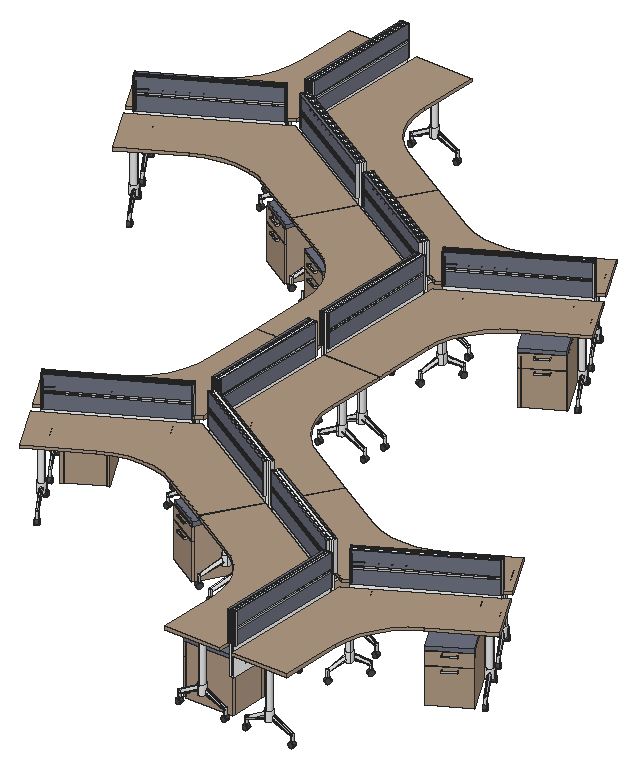
Revit family "T200028", category Furniture, Revit 2013 (continued)
Forms (in)
  Extrusion 577, solid, material "OFS BRANDS INTERMIX WORK Tackboard Fabric" <- "Tackboard Material"
    sketch origin (117.43443, -97.24959, 22.69325) x (-0.866013, -0.500021, 0) y (0, 0, -1)
      loop
        line (20.68752, -6.99425) -> (-27.03588, -6.99425) -> (-27.03588, -12.5255) -> (20.68752, -12.5255) -> (20.68752, -6.99425)
    from -0.66085 to 0.03085
  Extrusion 578, solid, material "OFS BRANDS INTERMIX WORK Conector Metal" <- "Conector Material"
    sketch origin (96.53397, -111.12356, 0) x (0.866013, 0.500021, 0) y (-0.500021, 0.866013, 0)
      loop
        line (51.73413, 2.29012) -> (51.73413, 2.25422) -> (52.07323, 2.25422) -> (52.07323, 1.50452) -> (51.35913, 1.50452) -> (51.35913, 1.46862) -> (52.10913, 1.46862) -> (52.10913, 2.29011) -> (51.73413, 2.29012)
    from 29.74775 to 41.93975
  Extrusion 579, solid, material "OFS BRANDS INTERMIX WORK Tool Rail Metal" <- "Tool Rail Material"
    sketch origin (96.53397, -111.12356, 0) x (0.500021, -0.866013, 0) y (0, 0, -1)
      loop
        line (-1.53351, -35.21875) -> (-2.23612, -35.21875) -> (-2.23612, -35.78469) -> (-2.01958, -35.78469) -> (-1.88459, -35.70359) -> (-1.80037, -35.84375) -> (-1.88459, -35.98391) -> (-2.01958, -35.9028) -> (-2.23612, -35.9028) -> (-2.23612, -36.46875) -> (-1.53351, -36.46875) -> (-1.53351, -37.21875) -> (-1.46862, -37.21875) -> (-1.46862, -36.38875) -> (-2.15612, -36.38875) -> (-2.15612, -35.9828) -> (-2.04176, -35.9828) -> (-1.85625, -36.09427) -> (-1.70638, -35.84486) -> (-1.85742, -35.59348) -> (-2.04082, -35.70367) -> (-2.15612, -35.70367) -> (-2.15611, -35.29875) -> (-1.46862, -35.29875) -> (-1.46862, -34.46875) -> (-1.53351, -34.46875) -> (-1.53351, -35.21875)
    from 4.01073 to 52.07323
  Extrusion 580, solid, material "OFS BRANDS INTERMIX WORK Conector Metal" <- "Conector Material"
    sketch origin (145.10341, -83.08039, 0) x (-0.866013, -0.500021, 0) y (0.500021, -0.866013, 0)
      loop
        line (51.73413, -2.29012) -> (52.10913, -2.29011) -> (52.10913, -1.46862) -> (51.35913, -1.46862) -> (51.35913, -1.50452) -> (52.07323, -1.50452) -> (52.07323, -2.25422) -> (51.73413, -2.25422) -> (51.73413, -2.29012)
    from 29.74775 to 41.93975
  Extrusion 581, solid, material "OFS BRANDS INTERMIX WORK Conector Clip Metal" <- "Conector Clip Material"
    sketch origin (141.33744, -84.64151, 57.662) x (0, 0, -1) y (-0.500021, 0.866013, 0)
      loop
        line (29.787, 2.37745) -> (31.22695, 0.9375) -> (36.66201, 0.9375) -> (36.66201, 1.1563) -> (31.27888, 1.1563) -> (29.9745, 2.46068) -> (29.9745, 10.34879) -> (29.787, 10.34879) -> (29.787, 2.37745)
    from -7.1875 to -5.8125
  Extrusion 582, solid, material "OFS BRANDS INTERMIX WORK Conector Clip Metal" <- "Conector Clip Material"
    sketch origin (141.33744, -84.64151, 57.662) x (0, 0, -1) y (-0.500021, 0.866013, 0)
      loop
        line (35.87689, 1.1563) -> (36.66201, 1.1563) -> (30.037, 11.86776) -> (30.037, 10.49716) -> (35.87689, 1.1563)
    from -6.59375 to -6.40625
  Extrusion 583, solid, material "OFS BRANDS INTERMIX WORK Conector Clip Metal" <- "Conector Clip Material"
    sketch origin (111.02698, -102.14225, 57.662) x (0, 0, -1) y (-0.500021, 0.866013, 0)
      loop
        line (29.787, 2.37745) -> (31.22695, 0.9375) -> (36.66201, 0.9375) -> (36.66201, 1.1563) -> (31.27888, 1.1563) -> (29.9745, 2.46068) -> (29.9745, 10.34879) -> (29.787, 10.34879) -> (29.787, 2.37745)
    from -7.1875 to -5.8125
  Extrusion 584, solid, material "OFS BRANDS INTERMIX WORK Conector Clip Metal" <- "Conector Clip Material"
    sketch origin (111.02698, -102.14225, 57.662) x (0, 0, -1) y (-0.500021, 0.866013, 0)
      loop
        line (35.87689, 1.1563) -> (36.66201, 1.1563) -> (30.037, 11.86776) -> (30.037, 10.49716) -> (35.87689, 1.1563)
    from -6.59375 to -6.40625
  Extrusion 585, solid, material "OFS BRANDS INTERMIX WORK Back Coverage Plastic" <- "Back Coverage Material"
    sketch origin (73.92021, -98.14512, 29.4745) x (0.866029, -0.499993, 0) y (0, 0, 1)
      loop
        line (20.99537, -11.2245) -> (20.99537, 12.5255) -> (-27.00463, 12.5255) -> (-27.00463, -11.2245) -> (20.99537, -11.2245)
    from -0.9375 to -0.1875
  Extrusion 586, solid, material "OFS BRANDS INTERMIX WORK Tackboard Fabric" <- "Tackboard Material"
    sketch origin (74.43683, -97.25029, 29.4745) x (0.866029, -0.499993, 0) y (0, 0, 1)
      loop
        line (21.02662, 6.99425) -> (21.02662, 12.5255) -> (-27.03588, 12.5255) -> (-27.03588, 6.99425) -> (21.02662, 6.99425)
    from -0.66085 to 0.03085
  Extrusion 587, solid, material "OFS BRANDS INTERMIX WORK Tackboard Fabric" <- "Tackboard Material"
    sketch origin (74.43683, -97.25029, 22.69325) x (0.866029, -0.499993, 0) y (0, 0, 1)
      loop
        line (20.68752, 6.99425) -> (20.68752, 12.5255) -> (-27.03588, 12.5255) -> (-27.03588, 6.99425) -> (20.68752, 6.99425)
    from -0.66085 to 0.03085
  Extrusion 588, solid, material "OFS BRANDS INTERMIX WORK Conector Metal" <- "Conector Material"
    sketch origin (95.33774, -111.12358, 0) x (-0.866029, 0.499993, 0) y (-0.499993, -0.866029, 0)
      loop
        line (51.73413, -2.29012) -> (52.10913, -2.29011) -> (52.10913, -1.46862) -> (51.35913, -1.46862) -> (51.35913, -1.50452) -> (52.07323, -1.50452) -> (52.07323, -2.25422) -> (51.73413, -2.25422) -> (51.73413, -2.29012)
    from 29.74775 to 41.93975
  Extrusion 589, solid, material "OFS BRANDS INTERMIX WORK Tool Rail Metal" <- "Tool Rail Material"
    sketch origin (95.33774, -111.12358, 0) x (-0.499993, -0.866029, 0) y (0, 0, 1)
      loop
        line (-1.53351, 35.21875) -> (-1.53351, 34.46875) -> (-1.46862, 34.46875) -> (-1.46862, 35.29875) -> (-2.15611, 35.29875) -> (-2.15612, 35.70367) -> (-2.04082, 35.70367) -> (-1.85742, 35.59348) -> (-1.70638, 35.84486) -> (-1.85625, 36.09427) -> (-2.04176, 35.9828) -> (-2.15612, 35.9828) -> (-2.15612, 36.38875) -> (-1.46862, 36.38875) -> (-1.46862, 37.21875) -> (-1.53351, 37.21875) -> (-1.53351, 36.46875) -> (-2.23612, 36.46875) -> (-2.23612, 35.9028) -> (-2.01958, 35.9028) -> (-1.88459, 35.98391) -> (-1.80037, 35.84375) -> (-1.88459, 35.70359) -> (-2.01958, 35.78469) -> (-2.23612, 35.78469) -> (-2.23612, 35.21875) -> (-1.53351, 35.21875)
    from 4.01073 to 52.07323
  Extrusion 590, solid, material "OFS BRANDS INTERMIX WORK Conector Metal" <- "Conector Material"
    sketch origin (46.76738, -83.08199, 0) x (0.866029, -0.499993, 0) y (0.499993, 0.866029, 0)
      loop
        line (51.73413, 2.29012) -> (51.73413, 2.25422) -> (52.07323, 2.25422) -> (52.07323, 1.50452) -> (51.35913, 1.50452) -> (51.35913, 1.46862) -> (52.10913, 1.46862) -> (52.10913, 2.29011) -> (51.73413, 2.29012)
    from 29.74775 to 41.93975
  Extrusion 591, solid, material "OFS BRANDS INTERMIX WORK Conector Clip Metal" <- "Conector Clip Material"
    sketch origin (50.53341, -84.64299, 57.662) x (0, 0, -1) y (-0.499993, -0.866029, 0)
      loop
        line (29.787, -2.37745) -> (29.787, -10.34879) -> (29.9745, -10.34879) -> (29.9745, -2.46068) -> (31.27888, -1.1563) -> (36.66201, -1.1563) -> (36.66201, -0.9375) -> (31.22695, -0.9375) -> (29.787, -2.37745)
    from -7.1875 to -5.8125
  Extrusion 592, solid, material "OFS BRANDS INTERMIX WORK Conector Clip Metal" <- "Conector Clip Material"
    sketch origin (50.53341, -84.64299, 57.662) x (0, 0, -1) y (-0.499993, -0.866029, 0)
      loop
        line (35.87689, -1.1563) -> (30.037, -10.49716) -> (30.037, -11.86776) -> (36.66201, -1.1563) -> (35.87689, -1.1563)
    from -6.59375 to -6.40625
  Extrusion 593, solid, material "OFS BRANDS INTERMIX WORK Conector Clip Metal" <- "Conector Clip Material"
    sketch origin (80.84444, -102.14275, 57.662) x (0, 0, -1) y (-0.499993, -0.866029, 0)
      loop
        line (29.787, -2.37745) -> (29.787, -10.34879) -> (29.9745, -10.34879) -> (29.9745, -2.46068) -> (31.27888, -1.1563) -> (36.66201, -1.1563) -> (36.66201, -0.9375) -> (31.22695, -0.9375) -> (29.787, -2.37745)
    from -7.1875 to -5.8125
  Extrusion 594, solid, material "OFS BRANDS INTERMIX WORK Conector Clip Metal" <- "Conector Clip Material"
    sketch origin (80.84444, -102.14275, 57.662) x (0, 0, -1) y (-0.499993, -0.866029, 0)
      loop
        line (35.87689, -1.1563) -> (30.037, -10.49716) -> (30.037, -11.86776) -> (36.66201, -1.1563) -> (35.87689, -1.1563)
    from -6.59375 to -6.40625
  Extrusion 595, solid, material "OFS BRANDS INTERMIX WORK Roll Plastic" <- "Roll Material"
    sketch origin (53.89053, -82.78051, 29.4745) x (-0.499986, -0.866034, 0) y (0, 0, -1)
      loop
        circle (-19.32729, 28.53442) r 0.94008
    from -0.75 to 0.78386
  Extrusion 596, solid, material "OFS BRANDS INTERMIX WORK Roll Plastic" <- "Roll Material"
    sketch origin (53.89053, -82.78051, 29.4745) x (-0.499986, -0.866034, 0) y (0, 0, -1)
      loop
        arc (-18.30139, 28.55034) -> (-18.56665, 27.84584) -> (-19.24135, 27.51201) r 1.02602
        line (-19.24135, 27.51201) -> (-19.24135, 27.59827)
        arc (-19.24135, 27.59827) -> (-19.32729, 27.59434) -> (-19.41323, 27.59827) r 0.94008
        line (-19.41323, 27.59827) -> (-19.41323, 27.51201)
        arc (-19.41323, 27.51201) -> (-20.08257, 27.83996) -> (-20.35331, 28.53442) r 1.02602
        line (-20.35331, 28.53442) -> (-20.43925, 28.53442)
        arc (-20.43925, 28.53442) -> (-20.14338, 27.77914) -> (-19.41323, 27.42579) r 1.11196
        line (-19.41323, 27.42579) -> (-19.41323, 27.09434) -> (-19.24135, 27.09434) -> (-19.24135, 27.42579)
        arc (-19.24135, 27.42579) -> (-18.50581, 27.785) -> (-18.21545, 28.55034) r 1.11196
        line (-18.21545, 28.55034) -> (-18.30139, 28.55034)
    from -0.56728 to 0.61508
  Extrusion 597, solid, material "OFS BRANDS INTERMIX WORK Feet Metal" <- "Feet Material"
    sketch origin (96.96998, -111.36693, 0) x (0.866034, -0.499986, 0) y (0.499986, 0.866034, 0)
      loop
        line (-54.57973, 9.4) -> (-48.57973, 9.4) -> (-48.57973, 17.4) -> (-54.57973, 17.4) -> (-54.57973, 9.4)
    from 27.6875 to 27.87542
  Extrusion 598, solid, material "OFS BRANDS INTERMIX WORK Feet Metal" <- "Feet Material"
    sketch origin (96.96998, -111.36693, 0) x (0.866034, -0.499986, 0) y (0.499986, 0.866034, 0)
      loop
        circle (-51.57876, 13.39995) r 1.14391
    from 10.29161 to 27.6875
  Extrusion 599, solid, material "OFS BRANDS INTERMIX WORK Feet Metal" <- "Feet Material"
    sketch origin (96.96998, -111.36693, 0) x (0.866034, -0.499986, 0) y (0.499986, 0.866034, 0)
      loop
        circle (-51.57876, 13.40165) r 1.51553
    from 6.70403 to 10.29161
  Extrusion 600, solid, material "OFS BRANDS INTERMIX WORK Feet Metal" <- "Feet Material"
    sketch origin (96.96998, -111.36693, 0) x (0.866034, -0.499986, 0) y (0.499986, 0.866034, 0)
      loop
        circle (-51.57715, 22.59884) r 0.43
    from 2.38016 to 4.82597
  SweptBlend 601, solid, material "OFS BRANDS INTERMIX WORK Feet Metal" <- "Feet Material"
    path origin (96.96998, -111.36693, 0) x (-0.499986, -0.866034, 0) y (0, 0, -1)
      loop
        line (-13.40165, -7.14826) -> (-22.60845, -3.84119)
    profile origin (103.67061, -99.76064, 7.14826) x (0.169021, 0.292764, 0.941127) y (0.866034, -0.499986, 0)
      loop
        arc (2.62281, -51.51844) -> (2.58268, -51.39722) -> (2.47816, -51.32389) r 0.20315
        line (2.47816, -51.32389) -> (1.22742, -50.94783)
        arc (1.22742, -50.94783) -> (0.97866, -50.92516) -> (0.7409, -51.00171) r 0.625
        line (0.7409, -51.00171) -> (0.41893, -51.18293)
        arc (0.41893, -51.18293) -> (0.37961, -51.2216) -> (0.36519, -51.27484) r 0.10547
        line (0.36519, -51.27484) -> (0.36519, -51.8808)
        arc (0.36519, -51.8808) -> (0.37972, -51.93444) -> (0.41933, -51.97341) r 0.10627
        line (0.41933, -51.97341) -> (0.74123, -52.15459)
        arc (0.74123, -52.15459) -> (0.97865, -52.23103) -> (1.22705, -52.20839) r 0.6241
        line (1.22705, -52.20839) -> (2.47817, -51.8322)
        arc (2.47817, -51.8322) -> (2.58269, -51.75888) -> (2.62281, -51.63768) r 0.20313
        line (2.62281, -51.63768) -> (2.62281, -51.51844)
    end profile origin (108.27388, -91.78724, 3.84119) x (0.169021, 0.292764, 0.941127) y (0.866034, -0.499986, 0)
      loop
        arc (0.00296, -51.97173) -> (0.47961, -51.92362) -> (0.93193, -51.76575) r 2.04165
        arc (0.93193, -51.76575) -> (1.04882, -51.57876) -> (0.93193, -51.39177) r 0.20801
        arc (0.93193, -51.39177) -> (0.47961, -51.2339) -> (0.00296, -51.18579) r 2.04165
        arc (0.00296, -51.18579) -> (-0.12974, -51.57876) -> (0.00296, -51.97173) r 0.64824
  Extrusion 602, solid, material "OFS BRANDS INTERMIX WORK Roll Plastic" <- "Roll Material"
    sketch origin (64.07254, -65.14407, 29.4745) x (0.499986, 0.866034, 0) y (0, 0, 1)
      loop
        circle (-19.32729, -28.53442) r 0.94008
    from -0.75 to 0.78386
  Extrusion 603, solid, material "OFS BRANDS INTERMIX WORK Roll Plastic" <- "Roll Material"
    sketch origin (64.07254, -65.14407, 29.4745) x (0.499986, 0.866034, 0) y (0, 0, 1)
      loop
        line (-18.30139, -28.55034) -> (-18.21545, -28.55034)
        arc (-18.21545, -28.55034) -> (-18.50581, -27.785) -> (-19.24135, -27.42579) r 1.11196
        line (-19.24135, -27.42579) -> (-19.24135, -27.09434) -> (-19.41323, -27.09434) -> (-19.41323, -27.42579)
        arc (-19.41323, -27.42579) -> (-20.14338, -27.77914) -> (-20.43925, -28.53442) r 1.11196
        line (-20.43925, -28.53442) -> (-20.35331, -28.53442)
        arc (-20.35331, -28.53442) -> (-20.08257, -27.83996) -> (-19.41323, -27.51201) r 1.02602
        line (-19.41323, -27.51201) -> (-19.41323, -27.59827)
        arc (-19.41323, -27.59827) -> (-19.32729, -27.59434) -> (-19.24135, -27.59827) r 0.94008
        line (-19.24135, -27.59827) -> (-19.24135, -27.51201)
        arc (-19.24135, -27.51201) -> (-18.56665, -27.84584) -> (-18.30139, -28.55034) r 1.02602
    from -0.56728 to 0.61508
  Extrusion 604, solid, material "OFS BRANDS INTERMIX WORK Feet Metal" <- "Feet Material"
    sketch origin (110.3696, -88.15722, 0) x (0.866034, -0.499986, 0) y (0.499986, 0.866034, 0)
      loop
        circle (-51.57715, -22.59884) r 0.43
    from 2.38016 to 4.82597
  SweptBlend 605, solid, material "OFS BRANDS INTERMIX WORK Feet Metal" <- "Feet Material"
    path origin (110.3696, -88.15722, 0) x (0.499986, 0.866034, 0) y (0, 0, 1)
      loop
        line (-13.40165, 7.14826) -> (-22.60845, 3.84119)
    profile origin (103.66896, -99.7635, 7.14826) x (0.169021, 0.292764, -0.941127) y (0.866034, -0.499986, 0)
      loop
        line (-2.62281, -51.51844) -> (-2.62281, -51.63768)
        arc (-2.62281, -51.63768) -> (-2.58269, -51.75888) -> (-2.47817, -51.8322) r 0.20313
        line (-2.47817, -51.8322) -> (-1.22705, -52.20839)
        arc (-1.22705, -52.20839) -> (-0.97865, -52.23103) -> (-0.74123, -52.15459) r 0.6241
        line (-0.74123, -52.15459) -> (-0.41933, -51.97341)
        arc (-0.41933, -51.97341) -> (-0.37972, -51.93444) -> (-0.36519, -51.8808) r 0.10627
        line (-0.36519, -51.8808) -> (-0.36519, -51.27484)
        arc (-0.36519, -51.27484) -> (-0.37961, -51.2216) -> (-0.41893, -51.18293) r 0.10547
        line (-0.41893, -51.18293) -> (-0.7409, -51.00171)
        arc (-0.7409, -51.00171) -> (-0.97866, -50.92516) -> (-1.22742, -50.94783) r 0.625
        line (-1.22742, -50.94783) -> (-2.47816, -51.32389)
        arc (-2.47816, -51.32389) -> (-2.58268, -51.39722) -> (-2.62281, -51.51844) r 0.20315
    end profile origin (99.0657, -107.7369, 3.84119) x (0.169021, 0.292764, -0.941127) y (0.866034, -0.499986, 0)
      loop
        arc (-0.00296, -51.97173) -> (0.12974, -51.57876) -> (-0.00296, -51.18579) r 0.64824
        arc (-0.00296, -51.18579) -> (-0.47961, -51.2339) -> (-0.93193, -51.39177) r 2.04165
        arc (-0.93193, -51.39177) -> (-1.04882, -51.57876) -> (-0.93193, -51.76575) r 0.20801
        arc (-0.93193, -51.76575) -> (-0.47961, -51.92362) -> (-0.00296, -51.97173) r 2.04165
  Extrusion 606, solid, material "OFS BRANDS INTERMIX WORK Drawer Front Wood" <- "Drawer Front Material"
    sketch origin (-22.27748, -68.10238, -6.96875) x (-0.866042, 0.499971, 0) y (0, 0, 1)
      loop
        line (-59.97733, 27.3125) -> (-59.97733, 21.96875) -> (-44.47733, 21.96875) -> (-44.47733, 27.3125) -> (-59.97733, 27.3125)
    from -1.3075 to -0.5575
  Extrusion 607, solid, material "OFS BRANDS INTERMIX WORK Pull Metal" <- "Pull Material"
    sketch origin (-24.38349, -102.09179, -10.06825) x (-0.866042, 0.499971, 0) y (-0.499971, -0.866042, 0)
      loop
        line (-39.43501, -29.18171) -> (-39.43501, -28.42671) -> (-34.68501, -28.42671) -> (-34.68501, -29.18171) -> (-34.43501, -29.18171) -> (-34.43501, -28.17671) -> (-39.68501, -28.17671) -> (-39.68501, -29.18171) -> (-39.43501, -29.18171)
    from 28.9745 to 29.4745
  Extrusion 608, solid, material "OFS BRANDS INTERMIX WORK Drawer Front Wood" <- "Drawer Front Material"
    sketch origin (-22.27748, -68.10238, -12.4375) x (-0.866042, 0.499971, 0) y (0, 0, 1)
      loop
        line (-59.97733, 27.3125) -> (-59.97733, 13.1875) -> (-44.47733, 13.1875) -> (-44.47733, 27.3125) -> (-59.97733, 27.3125)
    from -1.3075 to -0.5575
  Extrusion 609, solid, material "OFS BRANDS INTERMIX WORK Pull Metal" <- "Pull Material"
    sketch origin (-24.38349, -102.09179, -15.537) x (-0.866042, 0.499971, 0) y (-0.499971, -0.866042, 0)
      loop
        line (-39.43501, -29.18171) -> (-39.43501, -28.42671) -> (-34.68501, -28.42671) -> (-34.68501, -29.18171) -> (-34.43501, -29.18171) -> (-34.43501, -28.17671) -> (-39.68501, -28.17671) -> (-39.68501, -29.18171) -> (-39.43501, -29.18171)
    from 28.9745 to 29.4745
  Extrusion 610, solid, material "OFS BRANDS INTERMIX WORK Chassis Wood" <- "Chassis Material"
    sketch origin (28.61209, -100.4139, 0) x (-0.499971, -0.866042, 0) y (0, 0, -1)
      loop
        line (-1.98233, -0.5) -> (-20.73233, -0.5) -> (-20.73233, -20.4375) -> (-1.98233, -20.4375) -> (-1.98233, -0.5)
    from -1.1875 to -0.1875
  Extrusion 611, solid, material "OFS BRANDS INTERMIX WORK Chassis Wood" <- "Chassis Material"
    sketch origin (20.0879, -71.33717, 0) x (-0.866042, 0.499971, 0) y (0, 0, 1)
      loop
        line (-7.10733, 0.5) -> (-7.10733, 20.4375) -> (-20.73233, 20.4375) -> (-20.73233, 0.5) -> (-7.10733, 0.5)
    from -1.1875 to -0.1875
  Extrusion 612, solid, material "OFS BRANDS INTERMIX WORK Chassis Wood" <- "Chassis Material"
    sketch origin (14.75542, -92.41437, 0) x (-0.499971, -0.866042, 0) y (0, 0, 1)
      loop
        line (-1.98233, 0.5) -> (-1.98233, 20.4375) -> (-20.73233, 20.4375) -> (-20.73233, 0.5) -> (-1.98233, 0.5)
    from -1.1875 to -0.1875
  Extrusion 613, solid, material "OFS BRANDS INTERMIX WORK Cushion Fabric" <- "Cushion Material"
    sketch origin (-15.84977, -123.6332, 18.4375) x (-0.866042, 0.499971, 0) y (0.499971, 0.866042, 0)
      loop
        line (-26.70937, 43.82086) -> (-11.08437, 43.82087) -> (-11.08437, 63.07087) -> (-26.70937, 63.07086) -> (-26.70937, 43.82086)
    from -3.5 to -2
  Extrusion 614, solid, material "OFS BRANDS INTERMIX WORK Roll Plastic" <- "Roll Material"
    sketch origin (26.23944, -100.27158, 29.4745) x (-0.499971, -0.866042, 0) y (0, 0, 1)
      loop
        circle (-19.32729, -28.53442) r 0.94008
    from -0.75 to 0.78386
  Extrusion 615, solid, material "OFS BRANDS INTERMIX WORK Roll Plastic" <- "Roll Material"
    sketch origin (26.23944, -100.27158, 29.4745) x (-0.499971, -0.866042, 0) y (0, 0, 1)
      loop
        line (-18.30139, -28.55034) -> (-18.21545, -28.55034)
        arc (-18.21545, -28.55034) -> (-18.50581, -27.785) -> (-19.24135, -27.42579) r 1.11196
        line (-19.24135, -27.42579) -> (-19.24135, -27.09434) -> (-19.41323, -27.09434) -> (-19.41323, -27.42579)
        arc (-19.41323, -27.42579) -> (-20.14338, -27.77914) -> (-20.43925, -28.53442) r 1.11196
        line (-20.43925, -28.53442) -> (-20.35331, -28.53442)
        arc (-20.35331, -28.53442) -> (-20.08257, -27.83996) -> (-19.41323, -27.51201) r 1.02602
        line (-19.41323, -27.51201) -> (-19.41323, -27.59827)
        arc (-19.41323, -27.59827) -> (-19.32729, -27.59434) -> (-19.24135, -27.59827) r 0.94008
        line (-19.24135, -27.59827) -> (-19.24135, -27.51201)
        arc (-19.24135, -27.51201) -> (-18.56665, -27.84584) -> (-18.30139, -28.55034) r 1.02602
    from -0.56728 to 0.61508
  Extrusion 616, solid, material "OFS BRANDS INTERMIX WORK Chassis Wood" <- "Chassis Material"
    sketch origin (34.88938, -186.45131, -8.30733) x (-0.866042, 0.499971, 0) y (-0.499971, -0.866042, 0)
      loop
        line (49.64011, -73.35589) -> (49.64011, -91.10589) -> (63.26511, -91.10589) -> (63.26511, -73.35589) -> (49.64011, -73.35589)
    from 10.6875 to 11.75
  Extrusion 617, solid, material "OFS BRANDS INTERMIX WORK Roll Plastic" <- "Roll Material"
    sketch origin (16.06513, -94.3979, 29.4745) x (-0.499971, -0.866042, 0) y (0, 0, -1)
      loop
        circle (-19.32729, 28.53442) r 0.94008
    from -0.75 to 0.78386
  Extrusion 618, solid, material "OFS BRANDS INTERMIX WORK Roll Plastic" <- "Roll Material"
    sketch origin (16.06513, -94.3979, 29.4745) x (-0.499971, -0.866042, 0) y (0, 0, -1)
      loop
        arc (-18.30139, 28.55034) -> (-18.56665, 27.84584) -> (-19.24135, 27.51201) r 1.02602
        line (-19.24135, 27.51201) -> (-19.24135, 27.59827)
        arc (-19.24135, 27.59827) -> (-19.32729, 27.59434) -> (-19.41323, 27.59827) r 0.94008
        line (-19.41323, 27.59827) -> (-19.41323, 27.51201)
        arc (-19.41323, 27.51201) -> (-20.08257, 27.83996) -> (-20.35331, 28.53442) r 1.02602
        line (-20.35331, 28.53442) -> (-20.43925, 28.53442)
        arc (-20.43925, 28.53442) -> (-20.14338, 27.77914) -> (-19.41323, 27.42579) r 1.11196
        line (-19.41323, 27.42579) -> (-19.41323, 27.09434) -> (-19.24135, 27.09434) -> (-19.24135, 27.42579)
        arc (-19.24135, 27.42579) -> (-18.50581, 27.785) -> (-18.21545, 28.55034) r 1.11196
        line (-18.21545, 28.55034) -> (-18.30139, 28.55034)
    from -0.56728 to 0.61508
  Extrusion 619, solid, material "OFS BRANDS INTERMIX WORK Roll Plastic" <- "Roll Material"
    sketch origin (38.31329, -79.35744, 29.4745) x (0.499971, 0.866042, 0) y (0, 0, -1)
      loop
        circle (-19.32729, 28.53442) r 0.94008
    from -0.75 to 0.78386
  Extrusion 620, solid, material "OFS BRANDS INTERMIX WORK Roll Plastic" <- "Roll Material"
    sketch origin (38.31329, -79.35744, 29.4745) x (0.499971, 0.866042, 0) y (0, 0, -1)
      loop
        arc (-18.30139, 28.55034) -> (-18.56665, 27.84584) -> (-19.24135, 27.51201) r 1.02602
        line (-19.24135, 27.51201) -> (-19.24135, 27.59827)
        arc (-19.24135, 27.59827) -> (-19.32729, 27.59434) -> (-19.41323, 27.59827) r 0.94008
        line (-19.41323, 27.59827) -> (-19.41323, 27.51201)
        arc (-19.41323, 27.51201) -> (-20.08257, 27.83996) -> (-20.35331, 28.53442) r 1.02602
        line (-20.35331, 28.53442) -> (-20.43925, 28.53442)
        arc (-20.43925, 28.53442) -> (-20.14338, 27.77914) -> (-19.41323, 27.42579) r 1.11196
        line (-19.41323, 27.42579) -> (-19.41323, 27.09434) -> (-19.24135, 27.09434) -> (-19.24135, 27.42579)
        arc (-19.24135, 27.42579) -> (-18.50581, 27.785) -> (-18.21545, 28.55034) r 1.11196
        line (-18.21545, 28.55034) -> (-18.30139, 28.55034)
    from -0.56728 to 0.61508
  Extrusion 621, solid, material "OFS BRANDS INTERMIX WORK Roll Plastic" <- "Roll Material"
    sketch origin (28.13898, -73.48376, 29.4745) x (0.499971, 0.866042, 0) y (0, 0, 1)
      loop
        circle (-19.32729, -28.53442) r 0.94008
    from -0.75 to 0.78386
  Extrusion 622, solid, material "OFS BRANDS INTERMIX WORK Roll Plastic" <- "Roll Material"
    sketch origin (28.13898, -73.48376, 29.4745) x (0.499971, 0.866042, 0) y (0, 0, 1)
      loop
        line (-18.30139, -28.55034) -> (-18.21545, -28.55034)
        arc (-18.21545, -28.55034) -> (-18.50581, -27.785) -> (-19.24135, -27.42579) r 1.11196
        line (-19.24135, -27.42579) -> (-19.24135, -27.09434) -> (-19.41323, -27.09434) -> (-19.41323, -27.42579)
        arc (-19.41323, -27.42579) -> (-20.14338, -27.77914) -> (-20.43925, -28.53442) r 1.11196
        line (-20.43925, -28.53442) -> (-20.35331, -28.53442)
        arc (-20.35331, -28.53442) -> (-20.08257, -27.83996) -> (-19.41323, -27.51201) r 1.02602
        line (-19.41323, -27.51201) -> (-19.41323, -27.59827)
        arc (-19.41323, -27.59827) -> (-19.32729, -27.59434) -> (-19.24135, -27.59827) r 0.94008
        line (-19.24135, -27.59827) -> (-19.24135, -27.51201)
        arc (-19.24135, -27.51201) -> (-18.56665, -27.84584) -> (-18.30139, -28.55034) r 1.02602
    from -0.56728 to 0.61508
  Extrusion 623, solid, material "OFS BRANDS INTERMIX WORK Roll Plastic" <- "Roll Material"
    sketch origin (-42.04698, -83.38263, 29.4745) x (-0.500028, 0.866009, 0) y (0, 0, 1)
      loop
        circle (-19.32729, -28.53442) r 0.94008
    from -0.75 to 0.78386
  Extrusion 624, solid, material "OFS BRANDS INTERMIX WORK Roll Plastic" <- "Roll Material"
    sketch origin (-42.04698, -83.38263, 29.4745) x (-0.500028, 0.866009, 0) y (0, 0, 1)
      loop
        line (-18.30139, -28.55034) -> (-18.21545, -28.55034)
        arc (-18.21545, -28.55034) -> (-18.50581, -27.785) -> (-19.24135, -27.42579) r 1.11196
        line (-19.24135, -27.42579) -> (-19.24135, -27.09434) -> (-19.41323, -27.09434) -> (-19.41323, -27.42579)
        arc (-19.41323, -27.42579) -> (-20.14338, -27.77914) -> (-20.43925, -28.53442) r 1.11196
        line (-20.43925, -28.53442) -> (-20.35331, -28.53442)
        arc (-20.35331, -28.53442) -> (-20.08257, -27.83996) -> (-19.41323, -27.51201) r 1.02602
        line (-19.41323, -27.51201) -> (-19.41323, -27.59827)
        arc (-19.41323, -27.59827) -> (-19.32729, -27.59434) -> (-19.24135, -27.59827) r 0.94008
        line (-19.24135, -27.59827) -> (-19.24135, -27.51201)
        arc (-19.24135, -27.51201) -> (-18.56665, -27.84584) -> (-18.30139, -28.55034) r 1.02602
    from -0.56728 to 0.61508
  Extrusion 625, solid, material "OFS BRANDS INTERMIX WORK Feet Metal" <- "Feet Material"
    sketch origin (1.03105, -54.79408, 0) x (0.866009, 0.500028, 0) y (-0.500028, 0.866009, 0)
      loop
        line (-54.57973, -9.4) -> (-54.57973, -17.4) -> (-48.57973, -17.4) -> (-48.57973, -9.4) -> (-54.57973, -9.4)
    from 27.6875 to 27.87542
  Extrusion 626, solid, material "OFS BRANDS INTERMIX WORK Feet Metal" <- "Feet Material"
    sketch origin (1.03105, -54.79408, 0) x (0.866009, 0.500028, 0) y (-0.500028, 0.866009, 0)
      loop
        circle (-51.57876, -13.39995) r 1.14391
    from 10.29161 to 27.6875
  Extrusion 627, solid, material "OFS BRANDS INTERMIX WORK Feet Metal" <- "Feet Material"
    sketch origin (1.03105, -54.79408, 0) x (0.866009, 0.500028, 0) y (-0.500028, 0.866009, 0)
      loop
        circle (-51.57876, -13.40165) r 1.51553
    from 6.70403 to 10.29161
  Extrusion 628, solid, material "OFS BRANDS INTERMIX WORK Feet Metal" <- "Feet Material"
    sketch origin (1.03105, -54.79408, 0) x (0.866009, 0.500028, 0) y (-0.500028, 0.866009, 0)
      loop
        circle (-51.57715, -22.59884) r 0.43
    from 2.38016 to 4.82597
  SweptBlend 629, solid, material "OFS BRANDS INTERMIX WORK Feet Metal" <- "Feet Material"
    path origin (1.03105, -54.79408, 0) x (-0.500028, 0.866009, 0) y (0, 0, 1)
      loop
        line (-13.40165, 7.14826) -> (-22.60845, 3.84119)
    profile origin (7.73226, -66.40003, 7.14826) x (-0.169036, 0.292756, -0.941127) y (0.866009, 0.500028, 0)
      loop
        line (-2.62281, -51.51844) -> (-2.62281, -51.63768)
        arc (-2.62281, -51.63768) -> (-2.58269, -51.75888) -> (-2.47817, -51.8322) r 0.20313
        line (-2.47817, -51.8322) -> (-1.22705, -52.20839)
        arc (-1.22705, -52.20839) -> (-0.97865, -52.23103) -> (-0.74123, -52.15459) r 0.6241
        line (-0.74123, -52.15459) -> (-0.41933, -51.97341)
        arc (-0.41933, -51.97341) -> (-0.37972, -51.93444) -> (-0.36519, -51.8808) r 0.10627
        line (-0.36519, -51.8808) -> (-0.36519, -51.27484)
        arc (-0.36519, -51.27484) -> (-0.37961, -51.2216) -> (-0.41893, -51.18293) r 0.10547
        line (-0.41893, -51.18293) -> (-0.7409, -51.00171)
        arc (-0.7409, -51.00171) -> (-0.97866, -50.92516) -> (-1.22742, -50.94783) r 0.625
        line (-1.22742, -50.94783) -> (-2.47816, -51.32389)
        arc (-2.47816, -51.32389) -> (-2.58268, -51.39722) -> (-2.62281, -51.51844) r 0.20315
    end profile origin (12.33592, -74.3732, 3.84119) x (-0.169036, 0.292756, -0.941127) y (0.866009, 0.500028, 0)
      loop
        arc (-0.00296, -51.97173) -> (0.12974, -51.57876) -> (-0.00296, -51.18579) r 0.64824
        arc (-0.00296, -51.18579) -> (-0.47961, -51.2339) -> (-0.93193, -51.39177) r 2.04165
        arc (-0.93193, -51.39177) -> (-1.04882, -51.57876) -> (-0.93193, -51.76575) r 0.20801
        arc (-0.93193, -51.76575) -> (-0.47961, -51.92362) -> (-0.00296, -51.97173) r 2.04165
  Extrusion 630, solid, material "OFS BRANDS INTERMIX WORK Roll Plastic" <- "Roll Material"
    sketch origin (-31.8641, -101.01856, 29.4745) x (0.500028, -0.866009, 0) y (0, 0, -1)
      loop
        circle (-19.32729, 28.53442) r 0.94008
    from -0.75 to 0.78386
  Extrusion 631, solid, material "OFS BRANDS INTERMIX WORK Roll Plastic" <- "Roll Material"
    sketch origin (-31.8641, -101.01856, 29.4745) x (0.500028, -0.866009, 0) y (0, 0, -1)
      loop
        arc (-18.30139, 28.55034) -> (-18.56665, 27.84584) -> (-19.24135, 27.51201) r 1.02602
        line (-19.24135, 27.51201) -> (-19.24135, 27.59827)
        arc (-19.24135, 27.59827) -> (-19.32729, 27.59434) -> (-19.41323, 27.59827) r 0.94008
        line (-19.41323, 27.59827) -> (-19.41323, 27.51201)
        arc (-19.41323, 27.51201) -> (-20.08257, 27.83996) -> (-20.35331, 28.53442) r 1.02602
        line (-20.35331, 28.53442) -> (-20.43925, 28.53442)
        arc (-20.43925, 28.53442) -> (-20.14338, 27.77914) -> (-19.41323, 27.42579) r 1.11196
        line (-19.41323, 27.42579) -> (-19.41323, 27.09434) -> (-19.24135, 27.09434) -> (-19.24135, 27.42579)
        arc (-19.24135, 27.42579) -> (-18.50581, 27.785) -> (-18.21545, 28.55034) r 1.11196
        line (-18.21545, 28.55034) -> (-18.30139, 28.55034)
    from -0.56728 to 0.61508
  Extrusion 632, solid, material "OFS BRANDS INTERMIX WORK Feet Metal" <- "Feet Material"
    sketch origin (14.43182, -78.00312, 0) x (0.866009, 0.500028, 0) y (-0.500028, 0.866009, 0)
      loop
        circle (-51.57715, 22.59884) r 0.43
    from 2.38016 to 4.82597
  SweptBlend 633, solid, material "OFS BRANDS INTERMIX WORK Feet Metal" <- "Feet Material"
    path origin (14.43182, -78.00312, 0) x (0.500028, -0.866009, 0) y (0, 0, -1)
      loop
        line (-13.40165, -7.14826) -> (-22.60845, -3.84119)
    profile origin (7.73061, -66.39717, 7.14826) x (-0.169036, 0.292756, 0.941127) y (0.866009, 0.500028, 0)
      loop
        arc (2.62281, -51.51844) -> (2.58268, -51.39722) -> (2.47816, -51.32389) r 0.20315
        line (2.47816, -51.32389) -> (1.22742, -50.94783)
        arc (1.22742, -50.94783) -> (0.97866, -50.92516) -> (0.7409, -51.00171) r 0.625
        line (0.7409, -51.00171) -> (0.41893, -51.18293)
        arc (0.41893, -51.18293) -> (0.37961, -51.2216) -> (0.36519, -51.27484) r 0.10547
        line (0.36519, -51.27484) -> (0.36519, -51.8808)
        arc (0.36519, -51.8808) -> (0.37972, -51.93444) -> (0.41933, -51.97341) r 0.10627
        line (0.41933, -51.97341) -> (0.74123, -52.15459)
        arc (0.74123, -52.15459) -> (0.97865, -52.23103) -> (1.22705, -52.20839) r 0.6241
        line (1.22705, -52.20839) -> (2.47817, -51.8322)
        arc (2.47817, -51.8322) -> (2.58269, -51.75888) -> (2.62281, -51.63768) r 0.20313
        line (2.62281, -51.63768) -> (2.62281, -51.51844)
    end profile origin (3.12695, -58.424, 3.84119) x (-0.169036, 0.292756, 0.941127) y (0.866009, 0.500028, 0)
      loop
        arc (0.00296, -51.97173) -> (0.47961, -51.92362) -> (0.93193, -51.76575) r 2.04165
        arc (0.93193, -51.76575) -> (1.04882, -51.57876) -> (0.93193, -51.39177) r 0.20801
        arc (0.93193, -51.39177) -> (0.47961, -51.2339) -> (0.00296, -51.18579) r 2.04165
        arc (0.00296, -51.18579) -> (-0.12974, -51.57876) -> (0.00296, -51.97173) r 0.64824
  Extrusion 634, solid, material "OFS BRANDS INTERMIX WORK Top Core Wood" <- "Top Core Material"
    sketch origin (80.31517, -153.94387, 0) x (-0.499971, -0.866042, 0) y (0.866042, -0.499971, 0)
      loop
        line (3.97134, -144.44683) -> (14.97134, -125.39429) -> (-5.81327, -113.39428)
        arc (-5.81327, -113.39428) -> (-16.7855, -102.41798) -> (-20.79403, -87.42463) r 29.96155
        line (-20.79403, -87.42463) -> (-20.79403, -63.44684) -> (-42.79403, -63.44684) -> (-42.79403, -117.44683) -> (3.97134, -144.44683)
    from 27.87542 to 29.00005
  Extrusion 635, solid, material "OFS BRANDS INTERMIX WORK Feet Metal" <- "Feet Material"
    sketch origin (13.39556, -14.58223, 0) x (-0.000034, 1, 0) y (-1, -0.000034, 0)
      loop
        line (-54.57973, 9.4) -> (-48.57973, 9.4) -> (-48.57973, 17.4) -> (-54.57973, 17.4) -> (-54.57973, 9.4)
    from 27.6875 to 27.87542
  Extrusion 636, solid, material "OFS BRANDS INTERMIX WORK Feet Metal" <- "Feet Material"
    sketch origin (13.39556, -14.58223, 0) x (-0.000034, 1, 0) y (-1, -0.000034, 0)
      loop
        circle (-51.57876, 13.39995) r 1.14391
    from 10.29161 to 27.6875
  Extrusion 637, solid, material "OFS BRANDS INTERMIX WORK Feet Metal" <- "Feet Material"
    sketch origin (13.39556, -14.58223, 0) x (-0.000034, 1, 0) y (-1, -0.000034, 0)
      loop
        circle (-51.57876, 13.40165) r 1.51553
    from 6.70403 to 10.29161
  Extrusion 638, solid, material "OFS BRANDS INTERMIX WORK Roll Plastic" <- "Roll Material"
    sketch origin (-12.12434, -66.18415, 29.4745) x (-1, -0.000034, 0) y (0, 0, 1)
      loop
        circle (-19.32729, -28.53442) r 0.94008
    from -0.75 to 0.78386
  Extrusion 639, solid, material "OFS BRANDS INTERMIX WORK Roll Plastic" <- "Roll Material"
    sketch origin (-12.12434, -66.18415, 29.4745) x (-1, -0.000034, 0) y (0, 0, 1)
      loop
        line (-18.30139, -28.55034) -> (-18.21545, -28.55034)
        arc (-18.21545, -28.55034) -> (-18.50581, -27.785) -> (-19.24135, -27.42579) r 1.11196
        line (-19.24135, -27.42579) -> (-19.24135, -27.09434) -> (-19.41323, -27.09434) -> (-19.41323, -27.42579)
        arc (-19.41323, -27.42579) -> (-20.14338, -27.77914) -> (-20.43925, -28.53442) r 1.11196
        line (-20.43925, -28.53442) -> (-20.35331, -28.53442)
        arc (-20.35331, -28.53442) -> (-20.08257, -27.83996) -> (-19.41323, -27.51201) r 1.02602
        line (-19.41323, -27.51201) -> (-19.41323, -27.59827)
        arc (-19.41323, -27.59827) -> (-19.32729, -27.59434) -> (-19.24135, -27.59827) r 0.94008
        line (-19.24135, -27.59827) -> (-19.24135, -27.51201)
        arc (-19.24135, -27.51201) -> (-18.56665, -27.84584) -> (-18.30139, -28.55034) r 1.02602
    from -0.56728 to 0.61508
  Extrusion 640, solid, material "OFS BRANDS INTERMIX WORK Feet Metal" <- "Feet Material"
    sketch origin (-15.34378, -14.5832, 0) x (-0.000034, 1, 0) y (-1, -0.000034, 0)
      loop
        circle (-51.57715, -22.59884) r 0.43
    from 2.38016 to 4.9582
  SweptBlend 641, solid, material "OFS BRANDS INTERMIX WORK Feet Metal" <- "Feet Material"
    path origin (-13.40444, -14.58314, 0) x (-1, -0.000034, 0) y (0, 0, 1)
      loop
        line (-13.15165, 7.14826) -> (-20.5899, 3.99092)
    profile origin (-0.25279, -14.58269, 7.14826) x (-0.390731, -0.000013, -0.920505) y (-0.000034, 1, 0)
      loop
        line (-2.62281, -51.51844) -> (-2.62281, -51.63768)
        arc (-2.62281, -51.63768) -> (-2.58269, -51.75888) -> (-2.47817, -51.8322) r 0.20313
        line (-2.47817, -51.8322) -> (-1.22705, -52.20839)
        arc (-1.22705, -52.20839) -> (-0.97865, -52.23103) -> (-0.74123, -52.15459) r 0.6241
        line (-0.74123, -52.15459) -> (-0.41933, -51.97341)
        arc (-0.41933, -51.97341) -> (-0.37972, -51.93444) -> (-0.36519, -51.8808) r 0.10627
        line (-0.36519, -51.8808) -> (-0.36519, -51.27484)
        arc (-0.36519, -51.27484) -> (-0.37961, -51.2216) -> (-0.41893, -51.18293) r 0.10547
        line (-0.41893, -51.18293) -> (-0.7409, -51.00171)
        arc (-0.7409, -51.00171) -> (-0.97866, -50.92516) -> (-1.22742, -50.94783) r 0.625
        line (-1.22742, -50.94783) -> (-2.47816, -51.32389)
        arc (-2.47816, -51.32389) -> (-2.58268, -51.39722) -> (-2.62281, -51.51844) r 0.20315
    end profile origin (7.18546, -14.58244, 3.99092) x (-0.390731, -0.000013, -0.920505) y (-0.000034, 1, 0)
      loop
        arc (-0.00296, -51.97173) -> (0.12974, -51.57876) -> (-0.00296, -51.18579) r 0.64824
        arc (-0.00296, -51.18579) -> (-0.47961, -51.2339) -> (-0.93193, -51.39177) r 2.04165
        arc (-0.93193, -51.39177) -> (-1.04882, -51.57876) -> (-0.93193, -51.76575) r 0.20801
        arc (-0.93193, -51.76575) -> (-0.47961, -51.92362) -> (-0.00296, -51.97173) r 2.04165
  Extrusion 642, solid, material "OFS BRANDS INTERMIX WORK Roll Plastic" <- "Roll Material"
    sketch origin (12.11894, -66.18333, 29.4745) x (1, 0.000034, 0) y (0, 0, -1)
      loop
        circle (-19.32729, 28.53442) r 0.94008
    from -0.75 to 0.78386
  Extrusion 643, solid, material "OFS BRANDS INTERMIX WORK Roll Plastic" <- "Roll Material"
    sketch origin (12.11894, -66.18333, 29.4745) x (1, 0.000034, 0) y (0, 0, -1)
      loop
        arc (-18.30139, 28.55034) -> (-18.56665, 27.84584) -> (-19.24135, 27.51201) r 1.02602
        line (-19.24135, 27.51201) -> (-19.24135, 27.59827)
        arc (-19.24135, 27.59827) -> (-19.32729, 27.59434) -> (-19.41323, 27.59827) r 0.94008
        line (-19.41323, 27.59827) -> (-19.41323, 27.51201)
        arc (-19.41323, 27.51201) -> (-20.08257, 27.83996) -> (-20.35331, 28.53442) r 1.02602
        line (-20.35331, 28.53442) -> (-20.43925, 28.53442)
        arc (-20.43925, 28.53442) -> (-20.14338, 27.77914) -> (-19.41323, 27.42579) r 1.11196
        line (-19.41323, 27.42579) -> (-19.41323, 27.09434) -> (-19.24135, 27.09434) -> (-19.24135, 27.42579)
        arc (-19.24135, 27.42579) -> (-18.50581, 27.785) -> (-18.21545, 28.55034) r 1.11196
        line (-18.21545, 28.55034) -> (-18.30139, 28.55034)
    from -0.56728 to 0.61508
  Extrusion 644, solid, material "OFS BRANDS INTERMIX WORK Feet Metal" <- "Feet Material"
    sketch origin (15.3349, -14.58217, 0) x (-0.000034, 1, 0) y (-1, -0.000034, 0)
      loop
        circle (-51.57715, 22.59884) r 0.43
    from 2.38016 to 4.9582
  SweptBlend 645, solid, material "OFS BRANDS INTERMIX WORK Feet Metal" <- "Feet Material"
    path origin (13.39556, -14.58223, 0) x (1, 0.000034, 0) y (0, 0, -1)
      loop
        line (-13.15165, -7.14826) -> (-20.5899, -3.99092)
    profile origin (0.24391, -14.58268, 7.14826) x (-0.390731, -0.000013, 0.920505) y (-0.000034, 1, 0)
      loop
        arc (2.62281, -51.51844) -> (2.58268, -51.39722) -> (2.47816, -51.32389) r 0.20315
        line (2.47816, -51.32389) -> (1.22742, -50.94783)
        arc (1.22742, -50.94783) -> (0.97866, -50.92516) -> (0.7409, -51.00171) r 0.625
        line (0.7409, -51.00171) -> (0.41893, -51.18293)
        arc (0.41893, -51.18293) -> (0.37961, -51.2216) -> (0.36519, -51.27484) r 0.10547
        line (0.36519, -51.27484) -> (0.36519, -51.8808)
        arc (0.36519, -51.8808) -> (0.37972, -51.93444) -> (0.41933, -51.97341) r 0.10627
        line (0.41933, -51.97341) -> (0.74123, -52.15459)
        arc (0.74123, -52.15459) -> (0.97865, -52.23103) -> (1.22705, -52.20839) r 0.6241
        line (1.22705, -52.20839) -> (2.47817, -51.8322)
        arc (2.47817, -51.8322) -> (2.58269, -51.75888) -> (2.62281, -51.63768) r 0.20313
        line (2.62281, -51.63768) -> (2.62281, -51.51844)
    end profile origin (-7.19433, -14.58293, 3.99092) x (-0.390731, -0.000013, 0.920505) y (-0.000034, 1, 0)
      loop
        arc (0.00296, -51.97173) -> (0.47961, -51.92362) -> (0.93193, -51.76575) r 2.04165
        arc (0.93193, -51.76575) -> (1.04882, -51.57876) -> (0.93193, -51.39177) r 0.20801
        arc (0.93193, -51.39177) -> (0.47961, -51.2339) -> (0.00296, -51.18579) r 2.04165
        arc (0.00296, -51.18579) -> (-0.12974, -51.57876) -> (0.00296, -51.97173) r 0.64824
  Extrusion 646, solid, material "OFS BRANDS INTERMIX WORK Back Coverage Plastic" <- "Back Coverage Material"
    sketch origin (-22.01806, -68.01703, 29.4745) x (0.866005, 0.500036, 0) y (0, 0, -1)
      loop
        line (20.99537, 11.2245) -> (-27.00463, 11.2245) -> (-27.00463, -12.5255) -> (20.99537, -12.5255) -> (20.99537, 11.2245)
    from -0.9375 to -0.1875
  Extrusion 647, solid, material "OFS BRANDS INTERMIX WORK Tackboard Fabric" <- "Tackboard Material"
    sketch origin (-21.5014, -68.91183, 29.4745) x (0.866005, 0.500036, 0) y (0, 0, -1)
      loop
        line (21.02662, -6.99425) -> (-27.03588, -6.99425) -> (-27.03588, -12.5255) -> (21.02662, -12.5255) -> (21.02662, -6.99425)
    from -0.66085 to 0.03085
  Extrusion 648, solid, material "OFS BRANDS INTERMIX WORK Tackboard Fabric" <- "Tackboard Material"
    sketch origin (-21.5014, -68.91183, 22.69325) x (0.866005, 0.500036, 0) y (0, 0, -1)
      loop
        line (20.68752, -6.99425) -> (-27.03588, -6.99425) -> (-27.03588, -12.5255) -> (20.68752, -12.5255) -> (20.68752, -6.99425)
    from -0.66085 to 0.03085
  Extrusion 649, solid, material "OFS BRANDS INTERMIX WORK Conector Metal" <- "Conector Material"
    sketch origin (-0.60118, -55.03751, 0) x (-0.866005, -0.500036, 0) y (0.500036, -0.866005, 0)
      loop
        line (51.73413, 2.29012) -> (51.73413, 2.25422) -> (52.07323, 2.25422) -> (52.07323, 1.50452) -> (51.35913, 1.50452) -> (51.35913, 1.46862) -> (52.10913, 1.46862) -> (52.10913, 2.29011) -> (51.73413, 2.29012)
    from 29.74775 to 41.93975
  Extrusion 650, solid, material "OFS BRANDS INTERMIX WORK Tool Rail Metal" <- "Tool Rail Material"
    sketch origin (-0.60118, -55.03751, 0) x (-0.500036, 0.866005, 0) y (0, 0, -1)
      loop
        line (-1.53351, -35.21875) -> (-2.23612, -35.21875) -> (-2.23612, -35.78469) -> (-2.01958, -35.78469) -> (-1.88459, -35.70359) -> (-1.80037, -35.84375) -> (-1.88459, -35.98391) -> (-2.01958, -35.9028) -> (-2.23612, -35.9028) -> (-2.23612, -36.46875) -> (-1.53351, -36.46875) -> (-1.53351, -37.21875) -> (-1.46862, -37.21875) -> (-1.46862, -36.38875) -> (-2.15612, -36.38875) -> (-2.15612, -35.9828) -> (-2.04176, -35.9828) -> (-1.85625, -36.09427) -> (-1.70638, -35.84486) -> (-1.85742, -35.59348) -> (-2.04082, -35.70367) -> (-2.15612, -35.70367) -> (-2.15611, -35.29875) -> (-1.46862, -35.29875) -> (-1.46862, -34.46875) -> (-1.53351, -34.46875) -> (-1.53351, -35.21875)
    from 4.01073 to 52.07323
  Extrusion 651, solid, material "OFS BRANDS INTERMIX WORK Conector Metal" <- "Conector Material"
    sketch origin (-49.17014, -83.0815, 0) x (0.866005, 0.500036, 0) y (-0.500036, 0.866005, 0)
      loop
        line (51.73413, -2.29012) -> (52.10913, -2.29011) -> (52.10913, -1.46862) -> (51.35913, -1.46862) -> (51.35913, -1.50452) -> (52.07323, -1.50452) -> (52.07323, -2.25422) -> (51.73413, -2.25422) -> (51.73413, -2.29012)
    from 29.74775 to 41.93975
  Extrusion 652, solid, material "OFS BRANDS INTERMIX WORK Conector Clip Metal" <- "Conector Clip Material"
    sketch origin (-45.4042, -81.52031, 57.662) x (0, 0, -1) y (0.500036, -0.866005, 0)
      loop
        line (29.787, 2.37745) -> (31.22695, 0.9375) -> (36.66201, 0.9375) -> (36.66201, 1.1563) -> (31.27888, 1.1563) -> (29.9745, 2.46068) -> (29.9745, 10.34879) -> (29.787, 10.34879) -> (29.787, 2.37745)
    from -7.1875 to -5.8125
  Extrusion 653, solid, material "OFS BRANDS INTERMIX WORK Conector Clip Metal" <- "Conector Clip Material"
    sketch origin (-45.4042, -81.52031, 57.662) x (0, 0, -1) y (0.500036, -0.866005, 0)
      loop
        line (35.87689, 1.1563) -> (36.66201, 1.1563) -> (30.037, 11.86776) -> (30.037, 10.49716) -> (35.87689, 1.1563)
    from -6.59375 to -6.40625
  Extrusion 654, solid, material "OFS BRANDS INTERMIX WORK Conector Clip Metal" <- "Conector Clip Material"
    sketch origin (-15.09404, -64.01906, 57.662) x (0, 0, -1) y (0.500036, -0.866005, 0)
      loop
        line (29.787, 2.37745) -> (31.22695, 0.9375) -> (36.66201, 0.9375) -> (36.66201, 1.1563) -> (31.27888, 1.1563) -> (29.9745, 2.46068) -> (29.9745, 10.34879) -> (29.787, 10.34879) -> (29.787, 2.37745)
    from -7.1875 to -5.8125
  Extrusion 655, solid, material "OFS BRANDS INTERMIX WORK Conector Clip Metal" <- "Conector Clip Material"
    sketch origin (-15.09404, -64.01906, 57.662) x (0, 0, -1) y (0.500036, -0.866005, 0)
      loop
        line (35.87689, 1.1563) -> (36.66201, 1.1563) -> (30.037, 11.86776) -> (30.037, 10.49716) -> (35.87689, 1.1563)
    from -6.59375 to -6.40625
  Extrusion 656, solid, material "OFS BRANDS INTERMIX WORK Back Coverage Plastic" <- "Back Coverage Material"
    sketch origin (22.0128, -68.01556, 29.4745) x (-0.866038, 0.499978, 0) y (0, 0, 1)
      loop
        line (20.99537, -11.2245) -> (20.99537, 12.5255) -> (-27.00463, 12.5255) -> (-27.00463, -11.2245) -> (20.99537, -11.2245)
    from -0.9375 to -0.1875
  Extrusion 657, solid, material "OFS BRANDS INTERMIX WORK Tackboard Fabric" <- "Tackboard Material"
    sketch origin (21.4962, -68.9104, 29.4745) x (-0.866038, 0.499978, 0) y (0, 0, 1)
      loop
        line (21.02662, 6.99425) -> (21.02662, 12.5255) -> (-27.03588, 12.5255) -> (-27.03588, 6.99425) -> (21.02662, 6.99425)
    from -0.66085 to 0.03085
  Extrusion 658, solid, material "OFS BRANDS INTERMIX WORK Tackboard Fabric" <- "Tackboard Material"
    sketch origin (21.4962, -68.9104, 22.69325) x (-0.866038, 0.499978, 0) y (0, 0, 1)
      loop
        line (20.68752, 6.99425) -> (20.68752, 12.5255) -> (-27.03588, 12.5255) -> (-27.03588, 6.99425) -> (20.68752, 6.99425)
    from -0.66085 to 0.03085
  Extrusion 659, solid, material "OFS BRANDS INTERMIX WORK Conector Metal" <- "Conector Material"
    sketch origin (0.59505, -55.03747, 0) x (0.866038, -0.499978, 0) y (0.499978, 0.866038, 0)
      loop
        line (51.73413, -2.29012) -> (52.10913, -2.29011) -> (52.10913, -1.46862) -> (51.35913, -1.46862) -> (51.35913, -1.50452) -> (52.07323, -1.50452) -> (52.07323, -2.25422) -> (51.73413, -2.25422) -> (51.73413, -2.29012)
    from 29.74775 to 41.93975
  Extrusion 660, solid, material "OFS BRANDS INTERMIX WORK Tool Rail Metal" <- "Tool Rail Material"
    sketch origin (0.59505, -55.03747, 0) x (0.499978, 0.866038, 0) y (0, 0, 1)
      loop
        line (-1.53351, 35.21875) -> (-1.53351, 34.46875) -> (-1.46862, 34.46875) -> (-1.46862, 35.29875) -> (-2.15611, 35.29875) -> (-2.15612, 35.70367) -> (-2.04082, 35.70367) -> (-1.85742, 35.59348) -> (-1.70638, 35.84486) -> (-1.85625, 36.09427) -> (-2.04176, 35.9828) -> (-2.15612, 35.9828) -> (-2.15612, 36.38875) -> (-1.46862, 36.38875) -> (-1.46862, 37.21875) -> (-1.53351, 37.21875) -> (-1.53351, 36.46875) -> (-2.23612, 36.46875) -> (-2.23612, 35.9028) -> (-2.01958, 35.9028) -> (-1.88459, 35.98391) -> (-1.80037, 35.84375) -> (-1.88459, 35.70359) -> (-2.01958, 35.78469) -> (-2.23612, 35.78469) -> (-2.23612, 35.21875) -> (-1.53351, 35.21875)
    from 4.01073 to 52.07323
  Extrusion 661, solid, material "OFS BRANDS INTERMIX WORK Conector Metal" <- "Conector Material"
    sketch origin (49.16588, -83.07823, 0) x (-0.866038, 0.499978, 0) y (-0.499978, -0.866038, 0)
      loop
        line (51.73413, 2.29012) -> (51.73413, 2.25422) -> (52.07323, 2.25422) -> (52.07323, 1.50452) -> (51.35913, 1.50452) -> (51.35913, 1.46862) -> (52.10913, 1.46862) -> (52.10913, 2.29011) -> (51.73413, 2.29012)
    from 29.74775 to 41.93975
  Extrusion 662, solid, material "OFS BRANDS INTERMIX WORK Conector Clip Metal" <- "Conector Clip Material"
    sketch origin (45.39983, -81.51729, 57.662) x (0, 0, -1) y (0.499978, 0.866038, 0)
      loop
        line (29.787, -2.37745) -> (29.787, -10.34879) -> (29.9745, -10.34879) -> (29.9745, -2.46068) -> (31.27888, -1.1563) -> (36.66201, -1.1563) -> (36.66201, -0.9375) -> (31.22695, -0.9375) -> (29.787, -2.37745)
    from -7.1875 to -5.8125
  Extrusion 663, solid, material "OFS BRANDS INTERMIX WORK Conector Clip Metal" <- "Conector Clip Material"
    sketch origin (45.39983, -81.51729, 57.662) x (0, 0, -1) y (0.499978, 0.866038, 0)
      loop
        line (35.87689, -1.1563) -> (30.037, -10.49716) -> (30.037, -11.86776) -> (36.66201, -1.1563) -> (35.87689, -1.1563)
    from -6.59375 to -6.40625
  Extrusion 664, solid, material "OFS BRANDS INTERMIX WORK Conector Clip Metal" <- "Conector Clip Material"
    sketch origin (15.0885, -64.01805, 57.662) x (0, 0, -1) y (0.499978, 0.866038, 0)
      loop
        line (29.787, -2.37745) -> (29.787, -10.34879) -> (29.9745, -10.34879) -> (29.9745, -2.46068) -> (31.27888, -1.1563) -> (36.66201, -1.1563) -> (36.66201, -0.9375) -> (31.22695, -0.9375) -> (29.787, -2.37745)
    from -7.1875 to -5.8125
  Extrusion 665, solid, material "OFS BRANDS INTERMIX WORK Conector Clip Metal" <- "Conector Clip Material"
    sketch origin (15.0885, -64.01805, 57.662) x (0, 0, -1) y (0.499978, 0.866038, 0)
      loop
        line (35.87689, -1.1563) -> (30.037, -10.49716) -> (30.037, -11.86776) -> (36.66201, -1.1563) -> (35.87689, -1.1563)
    from -6.59375 to -6.40625
  Extrusion 666, solid, material "OFS BRANDS INTERMIX WORK Roll Plastic" <- "Roll Material"
    sketch origin (42.04274, -83.37983, 29.4745) x (0.499971, 0.866042, 0) y (0, 0, -1)
      loop
        circle (-19.32729, 28.53442) r 0.94008
    from -0.75 to 0.78386
  Extrusion 667, solid, material "OFS BRANDS INTERMIX WORK Roll Plastic" <- "Roll Material"
    sketch origin (42.04274, -83.37983, 29.4745) x (0.499971, 0.866042, 0) y (0, 0, -1)
      loop
        arc (-18.30139, 28.55034) -> (-18.56665, 27.84584) -> (-19.24135, 27.51201) r 1.02602
        line (-19.24135, 27.51201) -> (-19.24135, 27.59827)
        arc (-19.24135, 27.59827) -> (-19.32729, 27.59434) -> (-19.41323, 27.59827) r 0.94008
        line (-19.41323, 27.59827) -> (-19.41323, 27.51201)
        arc (-19.41323, 27.51201) -> (-20.08257, 27.83996) -> (-20.35331, 28.53442) r 1.02602
        line (-20.35331, 28.53442) -> (-20.43925, 28.53442)
        arc (-20.43925, 28.53442) -> (-20.14338, 27.77914) -> (-19.41323, 27.42579) r 1.11196
        line (-19.41323, 27.42579) -> (-19.41323, 27.09434) -> (-19.24135, 27.09434) -> (-19.24135, 27.42579)
        arc (-19.24135, 27.42579) -> (-18.50581, 27.785) -> (-18.21545, 28.55034) r 1.11196
        line (-18.21545, 28.55034) -> (-18.30139, 28.55034)
    from -0.56728 to 0.61508
  Extrusion 668, solid, material "OFS BRANDS INTERMIX WORK Feet Metal" <- "Feet Material"
    sketch origin (-1.0372, -54.79415, 0) x (-0.866042, 0.499971, 0) y (-0.499971, -0.866042, 0)
      loop
        line (-54.57973, 9.4) -> (-48.57973, 9.4) -> (-48.57973, 17.4) -> (-54.57973, 17.4) -> (-54.57973, 9.4)
    from 27.6875 to 27.87542
  Extrusion 669, solid, material "OFS BRANDS INTERMIX WORK Feet Metal" <- "Feet Material"
    sketch origin (-1.0372, -54.79415, 0) x (-0.866042, 0.499971, 0) y (-0.499971, -0.866042, 0)
      loop
        circle (-51.57876, 13.39995) r 1.14391
    from 10.29161 to 27.6875
  Extrusion 670, solid, material "OFS BRANDS INTERMIX WORK Feet Metal" <- "Feet Material"
    sketch origin (-1.0372, -54.79415, 0) x (-0.866042, 0.499971, 0) y (-0.499971, -0.866042, 0)
      loop
        circle (-51.57876, 13.40165) r 1.51553
    from 6.70403 to 10.29161
  Extrusion 671, solid, material "OFS BRANDS INTERMIX WORK Feet Metal" <- "Feet Material"
    sketch origin (-1.0372, -54.79415, 0) x (-0.866042, 0.499971, 0) y (-0.499971, -0.866042, 0)
      loop
        circle (-51.57715, 22.59884) r 0.43
    from 2.38016 to 4.82597
  SweptBlend 672, solid, material "OFS BRANDS INTERMIX WORK Feet Metal" <- "Feet Material"
    path origin (-1.0372, -54.79415, 0) x (0.499971, 0.866042, 0) y (0, 0, -1)
      loop
        line (-13.40165, -7.14826) -> (-22.60845, -3.84119)
    profile origin (-7.73763, -66.40054, 7.14826) x (-0.169016, -0.292767, 0.941127) y (-0.866042, 0.499971, 0)
      loop
        arc (2.62281, -51.51844) -> (2.58268, -51.39722) -> (2.47816, -51.32389) r 0.20315
        line (2.47816, -51.32389) -> (1.22742, -50.94783)
        arc (1.22742, -50.94783) -> (0.97866, -50.92516) -> (0.7409, -51.00171) r 0.625
        line (0.7409, -51.00171) -> (0.41893, -51.18293)
        arc (0.41893, -51.18293) -> (0.37961, -51.2216) -> (0.36519, -51.27484) r 0.10547
        line (0.36519, -51.27484) -> (0.36519, -51.8808)
        arc (0.36519, -51.8808) -> (0.37972, -51.93444) -> (0.41933, -51.97341) r 0.10627
        line (0.41933, -51.97341) -> (0.74123, -52.15459)
        arc (0.74123, -52.15459) -> (0.97865, -52.23103) -> (1.22705, -52.20839) r 0.6241
        line (1.22705, -52.20839) -> (2.47817, -51.8322)
        arc (2.47817, -51.8322) -> (2.58269, -51.75888) -> (2.62281, -51.63768) r 0.20313
        line (2.62281, -51.63768) -> (2.62281, -51.51844)
    end profile origin (-12.34076, -74.37402, 3.84119) x (-0.169016, -0.292767, 0.941127) y (-0.866042, 0.499971, 0)
      loop
        arc (0.00296, -51.97173) -> (0.47961, -51.92362) -> (0.93193, -51.76575) r 2.04165
        arc (0.93193, -51.76575) -> (1.04882, -51.57876) -> (0.93193, -51.39177) r 0.20801
        arc (0.93193, -51.39177) -> (0.47961, -51.2339) -> (0.00296, -51.18579) r 2.04165
        arc (0.00296, -51.18579) -> (-0.12974, -51.57876) -> (0.00296, -51.97173) r 0.64824
  Extrusion 673, solid, material "OFS BRANDS INTERMIX WORK Roll Plastic" <- "Roll Material"
    sketch origin (31.86103, -101.01644, 29.4745) x (-0.499971, -0.866042, 0) y (0, 0, 1)
      loop
        circle (-19.32729, -28.53442) r 0.94008
    from -0.75 to 0.78386
  Extrusion 674, solid, material "OFS BRANDS INTERMIX WORK Roll Plastic" <- "Roll Material"
    sketch origin (31.86103, -101.01644, 29.4745) x (-0.499971, -0.866042, 0) y (0, 0, 1)
      loop
        line (-18.30139, -28.55034) -> (-18.21545, -28.55034)
        arc (-18.21545, -28.55034) -> (-18.50581, -27.785) -> (-19.24135, -27.42579) r 1.11196
        line (-19.24135, -27.42579) -> (-19.24135, -27.09434) -> (-19.41323, -27.09434) -> (-19.41323, -27.42579)
        arc (-19.41323, -27.42579) -> (-20.14338, -27.77914) -> (-20.43925, -28.53442) r 1.11196
        line (-20.43925, -28.53442) -> (-20.35331, -28.53442)
        arc (-20.35331, -28.53442) -> (-20.08257, -27.83996) -> (-19.41323, -27.51201) r 1.02602
        line (-19.41323, -27.51201) -> (-19.41323, -27.59827)
        arc (-19.41323, -27.59827) -> (-19.32729, -27.59434) -> (-19.24135, -27.59827) r 0.94008
        line (-19.24135, -27.59827) -> (-19.24135, -27.51201)
        arc (-19.24135, -27.51201) -> (-18.56665, -27.84584) -> (-18.30139, -28.55034) r 1.02602
    from -0.56728 to 0.61508
  Extrusion 675, solid, material "OFS BRANDS INTERMIX WORK Feet Metal" <- "Feet Material"
    sketch origin (-14.43642, -78.00408, 0) x (-0.866042, 0.499971, 0) y (-0.499971, -0.866042, 0)
      loop
        circle (-51.57715, -22.59884) r 0.43
    from 2.38016 to 4.82597
  SweptBlend 676, solid, material "OFS BRANDS INTERMIX WORK Feet Metal" <- "Feet Material"
    path origin (-14.43642, -78.00408, 0) x (-0.499971, -0.866042, 0) y (0, 0, 1)
      loop
        line (-13.40165, 7.14826) -> (-22.60845, 3.84119)
    profile origin (-7.73598, -66.39768, 7.14826) x (-0.169016, -0.292767, -0.941127) y (-0.866042, 0.499971, 0)
      loop
        line (-2.62281, -51.51844) -> (-2.62281, -51.63768)
        arc (-2.62281, -51.63768) -> (-2.58269, -51.75888) -> (-2.47817, -51.8322) r 0.20313
        line (-2.47817, -51.8322) -> (-1.22705, -52.20839)
        arc (-1.22705, -52.20839) -> (-0.97865, -52.23103) -> (-0.74123, -52.15459) r 0.6241
        line (-0.74123, -52.15459) -> (-0.41933, -51.97341)
        arc (-0.41933, -51.97341) -> (-0.37972, -51.93444) -> (-0.36519, -51.8808) r 0.10627
        line (-0.36519, -51.8808) -> (-0.36519, -51.27484)
